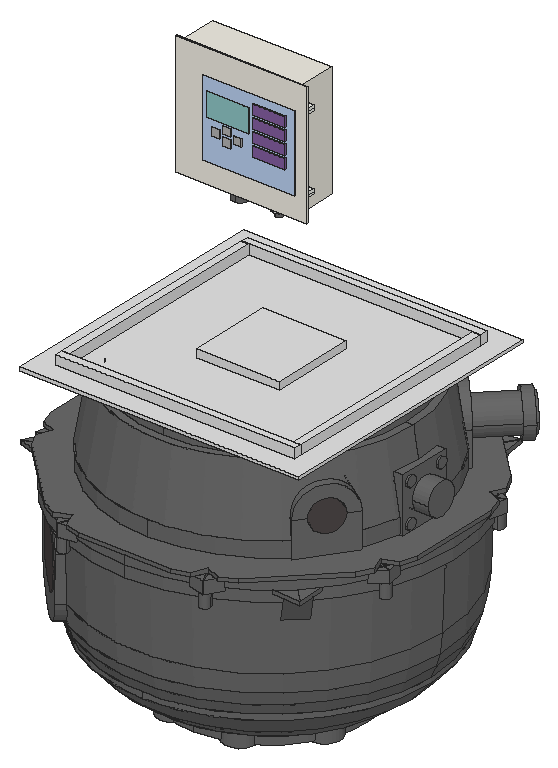
Revit family "280550x (200)", category Generic Models, Revit 2021 (continued)
Definition of nested family "280550x (200)_part2_X0Y0"
  Definition of nested family "280550x (200)_part2_content"
    Forms (mm)
      Extrusion 17, solid, detail levels medium+fine
        from 0 to 7.5
      Extrusion 18, solid, detail levels medium+fine
        sketch origin (-222, -222, 468.5) x (0, 1, 0) y (0, 0, 1)
          loop
            line (0, 5) -> (0, 0) -> (444, 0) -> (444, 5) -> (0, 5)
        from 0 to 444
      Extrusion 19, solid, detail levels medium+fine
        sketch origin (-66, -66, 473.5) x (0, 1, 0) y (0, 0, 1)
          loop
            line (0, 12) -> (0, 0) -> (132, 0) -> (132, 12) -> (0, 12)
        from 0 to 132
      Extrusion 20, solid, detail levels medium+fine
        sketch origin (0, 60, 320) x (0, -1, 0) y (0, 0, 1)
          loop
            line (0, 50) -> (0, 0) -> (120, 0) -> (120, 50) -> (0, 50)
        from 0 to 245.5
      Extrusion 21, solid, detail levels medium+fine
        sketch origin (0, 0, 370) x (0, -1, 0) y (0, 0, 1)
          loop
            circle (0, 0) r 60
        from 0 to 245.5
      Extrusion 22, solid, detail levels medium+fine
        sketch origin (-244, 0, 370) x (0, -1, 0) y (0, 0, 1)
          loop
            circle (0, 0) r 35.1
        from 0 to 1.75
      Extrusion 23, solid, detail levels medium+fine
        sketch origin (31.82, -31.82, 320) x (-0.707107, 0.707107, 0) y (0, 0, 1)
          loop
            line (0, 55.25) -> (0, 0) -> (90, 0) -> (90, 55.25) -> (0, 55.25)
        from 0 to 245.5
      Extrusion 24, solid, detail levels medium+fine
        sketch origin (0, 0, 375.25) x (-0.707107, 0.707107, 0) y (0, 0, 1)
          loop
            circle (0, 0) r 45
        from 0 to 245.5
      Extrusion 25, solid, detail levels medium+fine
        sketch origin (0, 0, 370) x (-0.707107, 0.707107, 0) y (0, 0, 1)
          loop
            circle (0, 0) r 27.7
        from 0 to 311.36
      Extrusion 26, solid, detail levels medium+fine
        sketch origin (0, 27.5, 332.75) x (0, 1, 0) y (0, 0, 1)
          loop
            circle (0, 0) r 8
        from 0 to 250
      Extrusion 27, solid, detail levels medium+fine
        sketch origin (0, -46.25, 320) x (0, 1, 0) y (0, 0, 1)
          loop
            line (0, 86.5) -> (0, 0) -> (86.5, 0) -> (86.5, 86.5) -> (0, 86.5)
        from 0 to 245.5
      Extrusion 28, solid, detail levels medium+fine
        sketch origin (0, -3, 363.25) x (0, 1, 0) y (0, 0, 1)
          loop
            circle (0, 0) r 24.75
        from 0 to 272.5
      Extrusion 29, solid, detail levels medium+fine
        sketch origin (0, 27.5, 393.75) x (0, 1, 0) y (0, 0, 1)
          loop
            circle (0, 0) r 8
        from 0 to 250
      Extrusion 30, solid, detail levels medium+fine
        sketch origin (0, -33.5, 332.75) x (0, 1, 0) y (0, 0, 1)
          loop
            circle (0, 0) r 8
        from 0 to 250
      Extrusion 31, solid, detail levels medium+fine
        sketch origin (0, -33.5, 393.75) x (0, 1, 0) y (0, 0, 1)
          loop
            circle (0, 0) r 8
        from 0 to 250
      Extrusion 32, solid, detail levels medium+fine
        sketch origin (-25.811, -36.862, 320) x (0.573577, 0.819152, 0) y (0, 0, 1)
          loop
            line (0, 55.25) -> (0, 0) -> (90, 0) -> (90, 55.25)
            arc (90, 55.25) -> (45, 100.25) -> (0, 55.25) r 45
        from 0 to 245.5
      Extrusion 33, solid, detail levels medium+fine
        sketch origin (-25.811, -36.862, 320) x (0.573577, 0.819152, 0) y (0, 0, 1)
          loop
            line (-0.5, 55.25) -> (-0.5, -0.5) -> (90, -0.5) -> (90, 55.25) -> (-0.5, 55.25)
        from 0 to 245.5
      Extrusion 34, solid, detail levels medium+fine
        sketch origin (199.873, -139.953, 375.25) x (0.573577, 0.819152, 0) y (0, 0, 1)
          loop
            circle (0, 0) r 25
        from 0 to 1.75
      Extrusion 35, solid, detail levels medium+fine
        sketch origin (-53.002, 127.957, 0) x (-0.92388, -0.382683, 0) y (0.382683, -0.92388, 0)
          loop
            circle (0, 0) r 25
        from 0 to 28.5
      Extrusion 36, solid, detail levels medium+fine
        sketch origin (-127.957, -53.002, 0) x (0.382683, -0.92388, 0) y (0.92388, 0.382683, 0)
          loop
            circle (0, 0) r 25
        from 0 to 28.5
      Extrusion 37, solid, detail levels medium+fine
        sketch origin (53.002, -127.957, 0) x (0.92388, 0.382683, 0) y (-0.382683, 0.92388, 0)
          loop
            circle (0, 0) r 25
        from 0 to 28.5
      Extrusion 38, solid, detail levels medium+fine
        sketch origin (53.002, 127.957, 0) x (-0.923879, 0.382684, 0) y (-0.382684, -0.923879, 0)
          loop
            circle (0, 0) r 25
        from 0 to 28.5
      Extrusion 39, solid, detail levels medium+fine
        sketch origin (-127.957, 53.002, 0) x (-0.382684, -0.923879, 0) y (0.923879, -0.382684, 0)
          loop
            circle (0, 0) r 25
        from 0 to 28.5
      Extrusion 40, solid, detail levels medium+fine
        sketch origin (-53.002, -127.957, 0) x (0.923879, -0.382684, 0) y (0.382684, 0.923879, 0)
          loop
            circle (0, 0) r 25
        from 0 to 28.5
      Extrusion 41, solid, detail levels medium+fine
        sketch origin (127.957, -53.002, 0) x (0.382684, 0.923879, 0) y (-0.923879, 0.382684, 0)
          loop
            circle (0, 0) r 25
        from 0 to 28.5
      Extrusion 42, solid, detail levels medium+fine
        sketch origin (127.957, 53.002, 0) x (-0.382683, 0.92388, 0) y (-0.92388, -0.382683, 0)
          loop
            circle (0, 0) r 25
        from 0 to 28.5
      Extrusion 43, solid, detail levels medium+fine
        sketch origin (0, 0, 209) x (0, -1, 0) y (0, 0, 1)
          loop
            line (-72.693, 35.337) -> (-68.918, -37.767)
            arc (-68.918, -37.767) -> (-63.198, -56.139) -> (-50.593, -70.678) r 46.983
            line (-50.593, -70.678) -> (-49.193, -71.697)
            arc (-49.193, -71.697) -> (-25.794, -83.147) -> (0, -86.788) r 83.079
            arc (0, -86.788) -> (25.794, -83.147) -> (49.193, -71.697) r 83.079
            line (49.193, -71.697) -> (50.593, -70.678)
            arc (50.593, -70.678) -> (63.198, -56.139) -> (68.918, -37.767) r 46.983
            line (68.918, -37.767) -> (72.693, 35.337)
            arc (72.693, 35.337) -> (71.616, 38.805) -> (69.783, 41.939) r 15.989
            arc (69.783, 41.939) -> (60.032, 51.336) -> (48.652, 58.679) r 69.984
            line (48.652, 58.679) -> (47.252, 59.417)
            arc (47.252, 59.417) -> (24.369, 68.322) -> (0, 71.344) r 99.373
            arc (0, 71.344) -> (-24.369, 68.322) -> (-47.252, 59.417) r 99.373
            line (-47.252, 59.417) -> (-48.652, 58.679)
            arc (-48.652, 58.679) -> (-60.032, 51.336) -> (-69.783, 41.939) r 69.984
            arc (-69.783, 41.939) -> (-71.616, 38.805) -> (-72.693, 35.337) r 15.989
        from 0 to 277.5
      Extrusion 44, solid, detail levels medium+fine
        sketch origin (0, 0, 209) x (0, -1, 0) y (0, 0, 1)
          loop
            circle (0, 0) r 55
        from 0 to 326
      Extrusion 45, solid, detail levels medium+fine
        sketch origin (0, 0, 209) x (0.707107, -0.707107, 0) y (0, 0, 1)
          loop
            line (-72.693, 35.337) -> (-68.918, -37.767)
            arc (-68.918, -37.767) -> (-63.198, -56.139) -> (-50.593, -70.678) r 46.983
            line (-50.593, -70.678) -> (-49.193, -71.697)
            arc (-49.193, -71.697) -> (-25.794, -83.147) -> (0, -86.788) r 83.079
            arc (0, -86.788) -> (25.794, -83.147) -> (49.193, -71.697) r 83.079
            line (49.193, -71.697) -> (50.593, -70.678)
            arc (50.593, -70.678) -> (63.198, -56.139) -> (68.918, -37.767) r 46.983
            line (68.918, -37.767) -> (72.693, 35.337)
            arc (72.693, 35.337) -> (71.616, 38.805) -> (69.783, 41.939) r 15.989
            arc (69.783, 41.939) -> (60.032, 51.336) -> (48.652, 58.679) r 69.984
            line (48.652, 58.679) -> (47.252, 59.417)
            arc (47.252, 59.417) -> (24.369, 68.322) -> (0, 71.344) r 99.373
            arc (0, 71.344) -> (-24.369, 68.322) -> (-47.252, 59.417) r 99.373
            line (-47.252, 59.417) -> (-48.652, 58.679)
            arc (-48.652, 58.679) -> (-60.032, 51.336) -> (-69.783, 41.939) r 69.984
            arc (-69.783, 41.939) -> (-71.616, 38.805) -> (-72.693, 35.337) r 15.989
        from 0 to 277.5
      Extrusion 46, solid, detail levels medium+fine
        sketch origin (0, 0, 209) x (-0.707107, -0.707107, 0) y (0, 0, 1)
          loop
            line (-72.693, 35.337) -> (-68.918, -37.767)
            arc (-68.918, -37.767) -> (-63.198, -56.139) -> (-50.593, -70.678) r 46.983
            line (-50.593, -70.678) -> (-49.193, -71.697)
            arc (-49.193, -71.697) -> (-25.794, -83.147) -> (0, -86.788) r 83.079
            arc (0, -86.788) -> (25.794, -83.147) -> (49.193, -71.697) r 83.079
            line (49.193, -71.697) -> (50.593, -70.678)
            arc (50.593, -70.678) -> (63.198, -56.139) -> (68.918, -37.767) r 46.983
            line (68.918, -37.767) -> (72.693, 35.337)
            arc (72.693, 35.337) -> (71.616, 38.805) -> (69.783, 41.939) r 15.989
            arc (69.783, 41.939) -> (60.032, 51.336) -> (48.652, 58.679) r 69.984
            line (48.652, 58.679) -> (47.252, 59.417)
            arc (47.252, 59.417) -> (24.369, 68.322) -> (0, 71.344) r 99.373
            arc (0, 71.344) -> (-24.369, 68.322) -> (-47.252, 59.417) r 99.373
            line (-47.252, 59.417) -> (-48.652, 58.679)
            arc (-48.652, 58.679) -> (-60.032, 51.336) -> (-69.783, 41.939) r 69.984
            arc (-69.783, 41.939) -> (-71.616, 38.805) -> (-72.693, 35.337) r 15.989
        from 0 to 277.5
      Extrusion 47, solid, detail levels medium+fine
        sketch origin (-195.161, -195.161, 209) x (0.707107, -0.707107, 0) y (0, 0, 1)
          loop
            circle (0, 0) r 50.1
        from 0 to 1.75
      Extrusion 48, solid, detail levels medium+fine
        sketch origin (-195.162, 195.162, 209) x (-0.707107, -0.707107, 0) y (0, 0, 1)
          loop
            circle (0, 0) r 50.1
        from 0 to 1.75
      Extrusion 49, solid, detail levels medium+fine
        sketch origin (220.165, 220.165, 370) x (-0.707107, 0.707107, 0) y (0, 0, 1)
          loop
            circle (0, 0) r 34.75
        from 0 to 15.7
      Extrusion 50, solid, detail levels medium+fine
        sketch origin (230.559, 230.559, 370) x (-0.707107, 0.707107, 0) y (0, 0, 1)
          loop
            circle (0, 0) r 27.7
        from 0 to 4.8
      Extrusion 51, solid, detail levels medium+fine
        sketch origin (232.893, 232.893, 370) x (-0.707107, 0.707107, 0) y (0, 0, 1)
          loop
            circle (0, 0) r 20
        from 0 to 1.7
      Extrusion 52, solid, detail levels medium+fine
        sketch origin (240.105, 225.963, 364) x (-0.707107, 0.707107, 0) y (0, 0, 1)
          loop
            circle (0, 0) r 4.2
        from 0 to 1.8
      Extrusion 53, solid, detail levels medium+fine
        sketch origin (240.105, 225.963, 376) x (-0.707107, 0.707107, 0) y (0, 0, 1)
          loop
            circle (0, 0) r 4.2
        from 0 to 1.8
      Extrusion 54, solid, detail levels medium+fine
        sketch origin (225.963, 240.105, 376) x (-0.707107, 0.707107, 0) y (0, 0, 1)
          loop
            circle (0, 0) r 4.2
        from 0 to 1.8
      Extrusion 55, solid, detail levels medium+fine
        sketch origin (225.963, 240.105, 364) x (-0.707107, 0.707107, 0) y (0, 0, 1)
          loop
            circle (0, 0) r 4.2
        from 0 to 1.8
      Extrusion 56, solid, detail levels medium+fine
        sketch origin (-259.107, -87.843, 294.5) x (-0.92388, -0.382683, 0) y (0, 0, -1)
          loop
            line (0, 48.5) -> (0, 0) -> (29.9, 0) -> (0, 48.5)
        from 0 to 36
      Extrusion 57, solid, detail levels medium+fine
        sketch origin (-272.082, -112.7, 273) x (0.382683, -0.92388, 0) y (0.92388, 0.382683, 0)
          loop
            circle (0, 0) r 7.75
        from 0 to 21.5
      Extrusion 58, solid, detail levels medium+fine
        sketch origin (-265.153, -109.83, 300) x (-0.92388, -0.382683, 0) y (-0.382683, 0.92388, 0)
          loop
            line (36.5, 0) -> (0, 0) -> (0, -32) -> (36.5, 0)
        from 0 to 5.5
      Extrusion 59, solid, detail levels medium+fine
        sketch origin (-265.153, -109.83, 314) x (-0.92388, -0.382683, 0) y (-0.382683, 0.92388, 0)
          loop
            line (17, 0) -> (0, 0) -> (0, -25) -> (17, 0)
        from 0 to 14
      Extrusion 60, solid, detail levels medium+fine
        sketch origin (-265.153, -109.83, 294.5) x (-0.382683, 0.92388, 0) y (-0.92388, -0.382683, 0)
          loop
            line (0, 36.5) -> (0, 0) -> (32, 0) -> (0, 36.5)
        from 0 to 5.5
      Extrusion 61, solid, detail levels medium+fine
        sketch origin (-265.153, -109.83, 300) x (-0.382683, 0.92388, 0) y (-0.92388, -0.382683, 0)
          loop
            line (0, 17) -> (0, 0) -> (25, 0) -> (0, 17)
        from 0 to 14
      Extrusion 62, solid, detail levels medium+fine
        sketch origin (-245.331, 121.102, 294.5) x (-0.923879, 0.382684, 0) y (0, 0, -1)
          loop
            line (0, 48.5) -> (0, 0) -> (29.9, 0) -> (0, 48.5)
        from 0 to 36
      Extrusion 63, solid, detail levels medium+fine
        sketch origin (-272.082, 112.7, 273) x (-0.382684, -0.923879, 0) y (0.923879, -0.382684, 0)
          loop
            circle (0, 0) r 7.75
        from 0 to 21.5
      Extrusion 64, solid, detail levels medium+fine
        sketch origin (-265.153, 109.83, 300) x (-0.923879, 0.382684, 0) y (0.382684, 0.923879, 0)
          loop
            line (36.5, 0) -> (0, 0) -> (0, -32) -> (36.5, 0)
        from 0 to 5.5
      Extrusion 65, solid, detail levels medium+fine
        sketch origin (-265.153, 109.83, 314) x (-0.923879, 0.382684, 0) y (0.382684, 0.923879, 0)
          loop
            line (17, 0) -> (0, 0) -> (0, -25) -> (17, 0)
        from 0 to 14
      Extrusion 66, solid, detail levels medium+fine
        sketch origin (-265.153, 109.83, 294.5) x (0.382684, 0.923879, 0) y (-0.923879, 0.382684, 0)
          loop
            line (0, 36.5) -> (0, 0) -> (32, 0) -> (0, 36.5)
        from 0 to 5.5
      Extrusion 67, solid, detail levels medium+fine
        sketch origin (-265.153, 109.83, 300) x (0.382684, 0.923879, 0) y (-0.923879, 0.382684, 0)
          loop
            line (0, 17) -> (0, 0) -> (25, 0) -> (0, 17)
        from 0 to 14
      Extrusion 68, solid, detail levels medium+fine
        sketch origin (-190, 178, 473.5) x (0, 1, 0) y (0, 0, 1)
          loop
            line (0, 15) -> (0, 0) -> (12, 0) -> (12, 15) -> (0, 15)
        from 0 to 380
      Extrusion 69, solid, detail levels medium+fine
        sketch origin (-190, -190, 473.5) x (0, 1, 0) y (0, 0, 1)
          loop
            line (0, 15) -> (0, 0) -> (12, 0) -> (12, 15) -> (0, 15)
        from 0 to 380
      Extrusion 70, solid, detail levels medium+fine
        sketch origin (-190, -178, 473.5) x (0, 1, 0) y (0, 0, 1)
          loop
            line (0, 15) -> (0, 0) -> (356, 0) -> (356, 15) -> (0, 15)
        from 0 to 12
      Extrusion 71, solid, detail levels medium+fine
        sketch origin (178, -178, 473.5) x (0, 1, 0) y (0, 0, 1)
          loop
            line (0, 15) -> (0, 0) -> (356, 0) -> (356, 15) -> (0, 15)
        from 0 to 12
      Extrusion 72, solid, detail levels medium+fine
        sketch origin (180.312, -205.768, 294.5) x (0.707106, -0.707107, 0) y (0, 0, -1)
          loop
            line (0, 48.5) -> (0, 0) -> (29.9, 0) -> (0, 48.5)
        from 0 to 36
      Extrusion 73, solid, detail levels medium+fine
        sketch origin (202.939, -202.939, 300) x (0.707106, -0.707107, 0) y (-0.707107, -0.707106, 0)
          loop
            line (36.5, 0) -> (0, 0) -> (0, -32) -> (36.5, 0)
        from 0 to 5.5
      Extrusion 74, solid, detail levels medium+fine
        sketch origin (202.939, -202.939, 294.5) x (-0.707107, -0.707106, 0) y (0.707106, -0.707107, 0)
          loop
            line (0, 36.5) -> (0, 0) -> (32, 0) -> (0, 36.5)
        from 0 to 5.5
      Extrusion 75, solid, detail levels medium+fine
        sketch origin (171.331, 213.304, 294.5) x (0.573577, 0.819151, 0) y (0, 0, -1)
          loop
            line (0, 48.5) -> (0, 0) -> (29.9, 0) -> (0, 48.5)
        from 0 to 36
      Extrusion 76, solid, detail levels medium+fine
        sketch origin (164.616, 235.097, 294.5) x (0.819151, -0.573577, 0) y (0.573577, 0.819151, 0)
          loop
            line (0, 36.5) -> (0, 0) -> (32, 0) -> (0, 36.5)
        from 0 to 5.5
      Extrusion 77, solid, detail levels medium+fine
        sketch origin (164.616, 235.097, 300) x (0.573577, 0.819151, 0) y (0.819151, -0.573577, 0)
          loop
            line (36.5, 0) -> (0, 0) -> (0, -32) -> (36.5, 0)
        from 0 to 5.5
      Extrusion 78, solid, detail levels medium+fine
        sketch origin (109.83, 265.153, 294.5) x (0.923879, -0.382684, 0) y (0.382684, 0.923879, 0)
          loop
            line (0, 17) -> (0, 0) -> (25, 0) -> (0, 17)
        from 0 to 19.5
      Extrusion 79, solid, detail levels medium+fine
        sketch origin (112.7, 272.082, 273) x (-0.923879, 0.382684, 0) y (-0.382684, -0.923879, 0)
          loop
            circle (0, 0) r 7.75
        from 0 to 21.5
      Extrusion 80, solid, detail levels medium+fine
        sketch origin (109.83, 265.153, 314) x (0.382684, 0.923879, 0) y (0.923879, -0.382684, 0)
          loop
            line (17, 0) -> (0, 0) -> (0, -25) -> (17, 0)
        from 0 to 19.5
      Extrusion 81, solid, detail levels medium+fine
        sketch origin (272.082, 112.7, 273) x (-0.382683, 0.92388, 0) y (-0.92388, -0.382683, 0)
          loop
            circle (0, 0) r 7.75
        from 0 to 21.5
      Extrusion 82, solid, detail levels medium+fine
        sketch origin (265.153, 109.83, 314) x (0.92388, 0.382683, 0) y (0.382683, -0.92388, 0)
          loop
            line (17, 0) -> (0, 0) -> (0, -25) -> (17, 0)
        from 0 to 19.5
      Extrusion 83, solid, detail levels medium+fine
        sketch origin (265.153, 109.83, 294.5) x (0.382683, -0.92388, 0) y (0.92388, 0.382683, 0)
          loop
            line (0, 17) -> (0, 0) -> (25, 0) -> (0, 17)
        from 0 to 19.5
      Extrusion 84, solid, detail levels medium+fine
        sketch origin (-112.7, 272.082, 273) x (-0.92388, -0.382683, 0) y (0.382683, -0.92388, 0)
          loop
            circle (0, 0) r 7.75
        from 0 to 21.5
      Extrusion 85, solid, detail levels medium+fine
        sketch origin (-109.83, 265.153, 314) x (-0.382683, 0.92388, 0) y (0.92388, 0.382683, 0)
          loop
            line (17, 0) -> (0, 0) -> (0, -25) -> (17, 0)
        from 0 to 19.5
      Extrusion 86, solid, detail levels medium+fine
        sketch origin (-109.83, 265.153, 294.5) x (0.92388, 0.382683, 0) y (-0.382683, 0.92388, 0)
          loop
            line (0, 17) -> (0, 0) -> (25, 0) -> (0, 17)
        from 0 to 19.5
      Extrusion 87, solid, detail levels medium+fine
        sketch origin (272.082, -112.7, 273) x (0.382684, 0.923879, 0) y (-0.923879, 0.382684, 0)
          loop
            circle (0, 0) r 7.75
        from 0 to 21.5
      Extrusion 88, solid, detail levels medium+fine
        sketch origin (265.153, -109.83, 294.5) x (-0.382684, -0.923879, 0) y (0.923879, -0.382684, 0)
          loop
            line (0, 17) -> (0, 0) -> (25, 0) -> (0, 17)
        from 0 to 19.5
      Extrusion 89, solid, detail levels medium+fine
        sketch origin (265.153, -109.83, 314) x (0.923879, -0.382684, 0) y (-0.382684, -0.923879, 0)
          loop
            line (17, 0) -> (0, 0) -> (0, -25) -> (17, 0)
        from 0 to 19.5
      Extrusion 90, solid, detail levels medium+fine
        sketch origin (112.7, -272.082, 273) x (0.92388, 0.382683, 0) y (-0.382683, 0.92388, 0)
          loop
            circle (0, 0) r 7.75
        from 0 to 21.5
      Extrusion 91, solid, detail levels medium+fine
        sketch origin (109.83, -265.153, 314) x (0.382683, -0.92388, 0) y (-0.92388, -0.382683, 0)
          loop
            line (17, 0) -> (0, 0) -> (0, -25) -> (17, 0)
        from 0 to 19.5
      Extrusion 92, solid, detail levels medium+fine
        sketch origin (109.83, -265.153, 294.5) x (-0.92388, -0.382683, 0) y (0.382683, -0.92388, 0)
          loop
            line (0, 17) -> (0, 0) -> (25, 0) -> (0, 17)
        from 0 to 19.5
      Extrusion 93, solid, detail levels medium+fine
        sketch origin (-112.7, -272.082, 273) x (0.923879, -0.382684, 0) y (0.382684, 0.923879, 0)
          loop
            circle (0, 0) r 7.75
        from 0 to 21.5
      Extrusion 94, solid, detail levels medium+fine
        sketch origin (-109.83, -265.153, 294.5) x (-0.923879, 0.382684, 0) y (-0.382684, -0.923879, 0)
          loop
            line (0, 17) -> (0, 0) -> (25, 0) -> (0, 17)
        from 0 to 19.5
      Extrusion 95, solid, detail levels medium+fine
        sketch origin (-109.83, -265.153, 314) x (-0.382684, -0.923879, 0) y (-0.923879, 0.382684, 0)
          loop
            line (17, 0) -> (0, 0) -> (0, -25) -> (17, 0)
        from 0 to 19.5
      Extrusion 96, solid, detail levels coarse
        sketch origin (-17.478, 0, 0) x (1, 0, 0) y (0, 1, 0)
          loop
            line (-308.522, -291.044) -> (308.522, -291.044) -> (308.522, 291.044) -> (-308.522, 291.044) -> (-308.522, -291.044)
        from 0 to 488.5
    Dimensions and locks
      aligned and locked: level to plane 2
